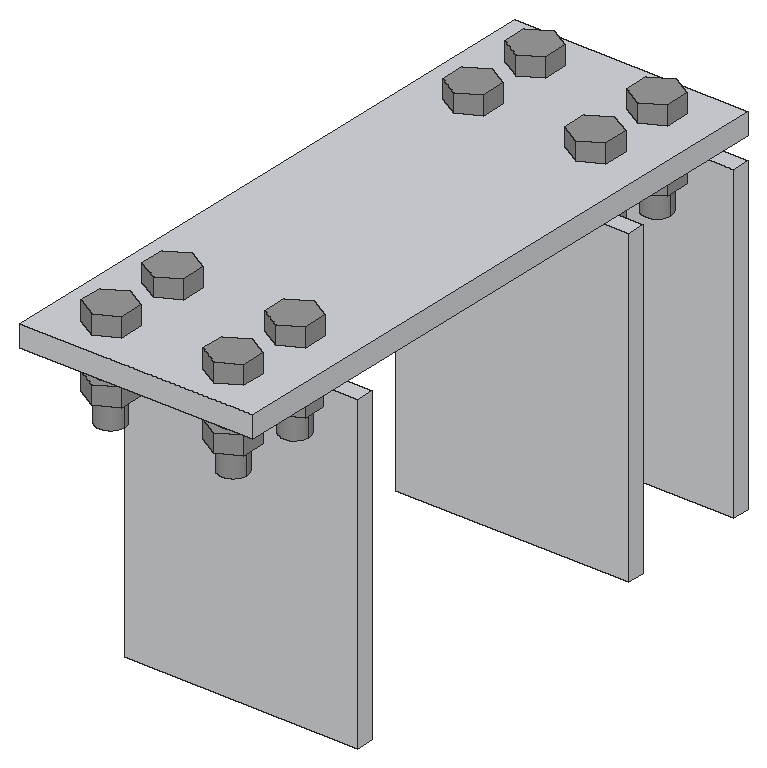
Revit family "051200 - Structural Steel Framing - Moment Frame - Bolted", category Structural Connections, Revit 2019
Family settings
  Material for Model Behavior = Other
  Work Plane-Based = Yes
  Enable cutting in views = Yes
  Always vertical = No
  Cut with Voids When Loaded = No
  Shared = No
Parameters (values of type "1")
  b = 0' - 1 3/4"
  Web Stiffner - Thickness = 0' - 0 51/128"
  Web Stiffiner Material = none
  Web - Horz. - Height = 0' - 8 9/128"
  Web - Height = 0' - 8 9/128"
  Flange - Thickness = 0' - 0 1/2"
  Default Elevation = 4' - 0"
  Bolt Inset - Vertical = 0' - 1"
  Bolt Inset - Horz. = 0' - 1 1/4"
  Base Plate - Thickness = 0' - 0 1/2"
  Back Plate - Width = 0' - 5 69/256"
  Back Plate - Height = 1' - 2"
Reference planes (in)
  plane 1 "Center (Front/Back)": y = 0
  plane 2: z = 0
  plane 3 "Center (Left/Right)": x = 0
  plane 4: x = -2.63477
  plane 5: x = 2.63477
  plane 6: z = 4
  plane 7: y = 7
  plane 8: y = -7
  plane 9: z = -8.07031
  plane 10: z = -0.5
  plane 11: z = -7.57031
  plane 12: z = 0.5
  plane 13: x = -1.38477
  plane 14: x = 1.38477
  plane 15: y = 6
  plane 16: y = 4.25
  plane 17: y = -6
  plane 18: y = -4.25
  plane 19: y = 4.03515
  plane 20: y = -4.03515
  plane 21: y = 3.63672
  plane 22: y = -3.63672
  plane 23: y = 6.60156
Forms (in)
  Extrusion 1, solid, material <- "Web Stiffiner Material"
    sketch origin (0, 0, 0) x (1, 0, 0) y (0, 1, 0)
      loop
        line (-2.63477, 7) -> (-2.63477, -7) -> (2.63477, -7) -> (2.63477, 7) -> (-2.63477, 7)
    from 0 to 0.5
  Extrusion 2, solid, material <- "Web Stiffiner Material"
    sketch origin (-14.00443, -4.03515, 48) x (-1, 0, 0) y (0, 0, 1)
      loop
        line (-11.36966, -48.5) -> (-16.63919, -48.5) -> (-16.63919, -55.57031) -> (-11.36966, -55.57031) -> (-11.36966, -48.5)
    from 0 to 0.39844
  Extrusion 3, solid, material <- "Web Stiffiner Material"
    sketch origin (-13.21319, 4.03515, 48) x (-1, 0, 0) y (0, 0, 1)
      loop
        line (-10.57842, -48.5) -> (-15.84795, -48.5) -> (-15.84795, -55.57031) -> (-10.57842, -55.57031) -> (-10.57842, -48.5)
    from 0 to -0.39844
  Extrusion 4, solid, material <- "Web Stiffiner Material"
    sketch origin (-13.21319, 7, 48) x (-1, 0, 0) y (0, 0, 1)
      loop
        line (-10.57842, -48.5) -> (-15.84795, -48.5) -> (-15.84795, -55.57031) -> (-10.57842, -55.57031) -> (-10.57842, -48.5)
    from 0 to -0.39844
Dimensions and locks (in)
  equal spacing: plane 4, plane 3 "Center (Left/Right)", plane 5
  plane 6 to plane 2 = 0' - 4"
  equal spacing: plane 7, plane 1 "Center (Front/Back)", plane 8
  "Back Plate - Height": plane 7 to plane 8
  "Back Plate - Width": plane 4 to plane 5
  "Web - Height": plane 9 to plane 2
  "Flange - Thickness": plane 10 to plane 2
  "Flange - Thickness": plane 9 to plane 11
  "Base Plate - Thickness": plane 2 to plane 12
  "Bolt Inset - Horz.": plane 4 to plane 13
  "Bolt Inset - Horz.": plane 14 to plane 5
  "Bolt Inset - Vertical": plane 7 to plane 15
  "b": plane 15 to plane 16
  "Bolt Inset - Vertical": plane 17 to plane 8
  "b": plane 18 to plane 17
  equal spacing: plane 20, plane 1 "Center (Front/Back)", plane 19
  "Web - Horz. - Height": plane 20 to plane 19
  "Web Stiffner - Thickness": plane 21 to plane 19
  "Web Stiffner - Thickness": plane 20 to plane 22
  "Web Stiffner - Thickness": plane 7 to plane 23
  aligned and locked: plane 2 to level
  aligned and locked: Extrusion 1 sketch curve to plane 7
  aligned and locked: Extrusion 1 sketch curve to plane 5
  aligned and locked: plane 8 to Extrusion 1 sketch curve
  aligned and locked: plane 4 to Extrusion 1 sketch curve
  aligned and locked: plane 12 to Extrusion 1
  aligned and locked: Extrusion 2 sketch curve to plane 5
  aligned and locked: Extrusion 2 sketch curve to plane 10
  aligned and locked: plane 4 to Extrusion 2 sketch curve
  aligned and locked: plane 11 to Extrusion 2 sketch curve
  aligned and locked: plane 14 to nested 2
  aligned and locked: nested 4 to plane 16
  aligned and locked: nested 3 to plane 16
  aligned and locked: nested 8 to plane 17
  aligned and locked: nested 7 to plane 17
  aligned and locked: nested 6 to plane 18
  aligned and locked: nested 5 to plane 18
  aligned and locked: plane 13 to nested 5
  aligned and locked: plane 14 to nested 6
  aligned and locked: plane 14 to nested 8
  aligned and locked: plane 13 to nested 7
  aligned and locked: plane 14 to nested 4
  aligned and locked: plane 13 to nested 3
  aligned and locked: plane 13 to nested 1
  aligned and locked: plane 10 to nested 8
  aligned and locked: plane 10 to nested 4
  aligned and locked: plane 10 to nested 2
  aligned and locked: plane 10 to nested 7
  aligned and locked: plane 10 to nested 5
  aligned and locked: plane 10 to nested 3
  aligned and locked: plane 10 to nested 1
  aligned and locked: Extrusion 3 to plane 21
  aligned and locked: plane 22 to Extrusion 2
  aligned and locked: nested 2 to plane 15
  aligned and locked: nested 1 to plane 15
  aligned and locked: Extrusion 4 to plane 23
  aligned and locked: plane 10 to nested 6
Automatic sketch dimensions
  Extrusion 3 sketch curve to plane 5 = 0' - 0"
  Extrusion 3 sketch curve to plane 4 = 0' - 0"
  Extrusion 3 sketch curve to plane 11 = 0' - 0"
  Extrusion 3 sketch curve to plane 10 = 0' - 0"
  Extrusion 4 sketch curve to plane 5 = 0' - 0"
  Extrusion 4 sketch curve to plane 4 = 0' - 0"
  Extrusion 4 sketch curve to plane 11 = 0' - 0"
  Extrusion 4 sketch curve to plane 10 = 0' - 0"
Nested families (in)
  nested 1: "050523 - W_P_C - Fastenings - Lag Bolt or Thru Bolt" at (-1.38477, 6, 0.5), type "5/8""
    with Thickness_of_Substrate 0' - 1", Nut_Visibility yes, Bolt Material (Size) STRUCTURAL BOLTS (PAINT TO MATCH STEEL FINISH), Length 0' - 2"
  nested 2: "050523 - W_P_C - Fastenings - Lag Bolt or Thru Bolt" at (1.38477, 6, 0.5), type "5/8""
    with Thickness_of_Substrate 0' - 1", Nut_Visibility yes, Bolt Material (Size) STRUCTURAL BOLTS (PAINT TO MATCH STEEL FINISH), Length 0' - 2"
  nested 3: "050523 - W_P_C - Fastenings - Lag Bolt or Thru Bolt" at (-1.38477, 4.25, 0.5), type "5/8""
    with Thickness_of_Substrate 0' - 1", Nut_Visibility yes, Bolt Material (Size) STRUCTURAL BOLTS (PAINT TO MATCH STEEL FINISH), Length 0' - 2"
  nested 4: "050523 - W_P_C - Fastenings - Lag Bolt or Thru Bolt" at (1.38477, 4.25, 0.5), type "5/8""
    with Thickness_of_Substrate 0' - 1", Nut_Visibility yes, Bolt Material (Size) STRUCTURAL BOLTS (PAINT TO MATCH STEEL FINISH), Length 0' - 2"
  nested 5: "050523 - W_P_C - Fastenings - Lag Bolt or Thru Bolt" at (-1.38477, -4.25, 0.5), type "5/8""
    with Thickness_of_Substrate 0' - 1", Nut_Visibility yes, Bolt Material (Size) STRUCTURAL BOLTS (PAINT TO MATCH STEEL FINISH), Length 0' - 2"
  nested 6: "050523 - W_P_C - Fastenings - Lag Bolt or Thru Bolt" at (1.38477, -4.25, 0.5), type "5/8""
    with Thickness_of_Substrate 0' - 1", Nut_Visibility yes, Bolt Material (Size) STRUCTURAL BOLTS (PAINT TO MATCH STEEL FINISH), Length 0' - 2"
  nested 7: "050523 - W_P_C - Fastenings - Lag Bolt or Thru Bolt" at (-1.38477, -6, 0.5), type "5/8""
    with Thickness_of_Substrate 0' - 1", Nut_Visibility yes, Bolt Material (Size) STRUCTURAL BOLTS (PAINT TO MATCH STEEL FINISH), Length 0' - 2"
  nested 8: "050523 - W_P_C - Fastenings - Lag Bolt or Thru Bolt" at (1.38477, -6, 0.5), type "5/8""
    with Thickness_of_Substrate 0' - 1", Nut_Visibility yes, Bolt Material (Size) STRUCTURAL BOLTS (PAINT TO MATCH STEEL FINISH), Length 0' - 2"
Definition of nested family "050523 - W_P_C - Fastenings - Lag Bolt or Thru Bolt"
  Parameters (values of type "1/2" x 3"")
    Thickness_of_Substrate [instance] = 0' - 1"
    Side = Head Size * 0.57812  # 0' - 0 111/256"
    Radius = Diameter / 2  # 0' - 0 1/4"
    Nut_Visibility [instance] = yes
    Length = 0' - 3"
    Head Size = 0' - 0 3/4"
    Head Radius = Head Size / 2  # 0' - 0 3/8"
    Head Height = 0' - 0 27/64"
    Diameter = 0' - 0 1/2"
    Default Elevation = 4' - 0"
    Bolt Material (Size) [instance] = none
  Types (23): name | Side | Radius | Length | Head Size | Head Radius | Head Height | Diameter
    1/2" x 3" | 0' - 0 111/256" | 0' - 0 1/4" | 0' - 3" | 0' - 0 3/4" | 0' - 0 3/8" | 0' - 0 27/64" | 0' - 0 1/2"
    1/4" x 3" | 0' - 0.25293" | 0' - 0 1/8" | 0' - 3" | 0' - 0 7/16" | 0' - 0 7/32" | 0' - 0 11/64" | 0' - 0 1/4"
    5/16" x 3" | 0' - 0 37/128" | 0' - 0 5/32" | 0' - 3" | 0' - 0 1/2" | 0' - 0 1/4" | 0' - 0 7/32" | 0' - 0 5/16"
    3/8" x 3" | 0' - 0.3252" | 0' - 0 3/16" | 0' - 3" | 0' - 0 9/16" | 0' - 0 9/32" | 0' - 0 1/4" | 0' - 0 3/8"
    7/16" x 3" | 0' - 0.36133" | 0' - 0 7/32" | 0' - 3" | 0' - 0 5/8" | 0' - 0 5/16" | 0' - 0 19/64" | 0' - 0 7/16"
    5/8" x 3" | 0' - 0.54199" | 0' - 0 5/16" | 0' - 3" | 0' - 0 15/16" | 0' - 0 15/32" | 0' - 0 27/64" | 0' - 0 5/8"
    1/2" x 2 1/2" | 0' - 0 111/256" | 0' - 0 1/4" | 0' - 2 1/2" | 0' - 0 3/4" | 0' - 0 3/8" | 0' - 0 11/32" | 0' - 0 1/2"
    3/4" x 2" | 0' - 0.65039" | 0' - 0 3/8" | 0' - 2" | 0' - 1 1/8" | 0' - 0 9/16" | 0' - 0 1/2" | 0' - 0 3/4"
    3/8" x 1" | 0' - 0.3252" | 0' - 0 3/16" | 0' - 1" | 0' - 0 9/16" | 0' - 0 9/32" | 0' - 0 1/4" | 0' - 0 3/8"
    1/2" x 4" | 0' - 0 111/256" | 0' - 0 1/4" | 0' - 4" | 0' - 0 3/4" | 0' - 0 3/8" | 0' - 0 1/2" | 0' - 0 1/2"
    1/2" x 2" | 0' - 0 111/256" | 0' - 0 1/4" | 0' - 2" | 0' - 0 3/4" | 0' - 0 3/8" | 0' - 0 1/2" | 0' - 0 1/2"
    ONE | 0' - 0 111/128" | 0' - 0 1/2" | 0' - 3" | 0' - 1 1/2" | 0' - 0 3/4" | 0' - 0 151/256" | 0' - 1"
    3/4" x 4" | 0' - 0.65039" | 0' - 0 3/8" | 0' - 3" | 0' - 1 1/8" | 0' - 0 9/16" | 0' - 0 1/2" | 0' - 0 3/4"
    #10 | 0' - 0.1626" | 0' - 0.09961" | 0' - 4" | 0' - 0 9/32" | 0' - 0 9/64" | 0' - 0 1/8" | 0' - 0 51/256"
    1/4" | 0' - 0.25293" | 0' - 0 1/8" | 0' - 4" | 0' - 0 7/16" | 0' - 0 7/32" | 0' - 0 11/64" | 0' - 0 1/4"
    1" | 0' - 0 111/128" | 0' - 0 1/2" | 0' - 4" | 0' - 1 1/2" | 0' - 0 3/4" | 0' - 0 43/64" | 0' - 1"
    7/8" | 0' - 0.75879" | 0' - 0 7/16" | 0' - 4" | 0' - 1 5/16" | 0' - 0 21/32" | 0' - 0 37/64" | 0' - 0 7/8"
    5/8" | 0' - 0.54199" | 0' - 0 5/16" | 0' - 10 1/2" | 0' - 0 15/16" | 0' - 0 15/32" | 0' - 0 27/64" | 0' - 0 5/8"
    1/2" | 0' - 0 111/256" | 0' - 0 1/4" | 0' - 4" | 0' - 0 3/4" | 0' - 0 3/8" | 0' - 0 1/2" | 0' - 0 1/2"
    3/4" | 0' - 0.65039" | 0' - 0 3/8" | 0' - 7" | 0' - 1 1/8" | 0' - 0 9/16" | 0' - 0 1/2" | 0' - 0 3/4"
    3/8" | 0' - 0.3252" | 0' - 0 3/16" | 0' - 4" | 0' - 0 9/16" | 0' - 0 9/32" | 0' - 0 1/4" | 0' - 0 3/8"
    5/8" x 6" | 0' - 0.54199" | 0' - 0 5/16" | 0' - 6" | 0' - 0 15/16" | 0' - 0 15/32" | 0' - 0 27/64" | 0' - 0 5/8"
    5/8" x 7" | 0' - 0.54199" | 0' - 0 5/16" | 0' - 7" | 0' - 0 15/16" | 0' - 0 15/32" | 0' - 0 27/64" | 0' - 0 5/8"
  Reference planes (in)
    plane 1 "Center (Front/Back)": y = 0
    plane 2: z = 0
    plane 3 "Center (Left/Right)": x = 0
    plane 4: z = 0.42187
    plane 5: z = -3
    plane 6: y = 0
    plane 7: x = 0
    plane 8: z = -1
  Forms (in)
    Extrusion 1, solid, material <- "Bolt Material (Size)"
      sketch origin (0, 0, 0) x (1, 0, 0) y (0, 1, 0)
        loop
          circle (0, 0) r 0.25
      from -3 to 0
  Lines and regions (in)
    model lines
      curve 1: line (0, -0.64952, 0.42188) -> (0, 0.64952, 0.42188)
      curve 2: line (0.375, 0, 0.42188) -> (-0.375, 0, 0.42188)
    symbolic lines
      curve 3: line (0, 0, 0.42187) -> (0, 0, -3)
      curve 4: line (0, 0, 0.42187) -> (0, 0, -3)
  Dimensions and locks (in)
    "Head Height": plane 4 to level
    "Length": level to plane 5
    "Thickness_of_Substrate": plane 2 to plane 8
    "Radius": radius of Extrusion 1 sketch curve
    aligned and locked: level to plane 2
    aligned and locked: Extrusion 1 to plane 5
    aligned and locked: plane 7 to curve 1
    aligned and locked: plane 6 to curve 2
    aligned and locked: plane 6 to curve 4
  Automatic sketch dimensions
    curve 3 to plane 3 "Center (Left/Right)" = 0' - 0"
    curve 3 to plane 5 = 0' - 0"
    curve 3 to plane 4 = 0' - 0"
    curve 4 to plane 5 = 0' - 0"
    curve 4 to plane 4 = 0' - 0"
    curve 1 to curve 2 = 0' - 0.64952"
    curve 2 to curve 1 = 0' - 0.64952"
    curve 2 to nested 1 = 0' - 0"  (x2)
    plane 1 "Center (Front/Back)" to Extrusion 1 sketch curve = 0' - 0"
    Extrusion 1 sketch curve to plane 3 "Center (Left/Right)" = 0' - 0"
  Nested families (in)
    nested 1: "Nut" at (0, 0, 0), Diameter <- "Diameter", Head Height <- "Head Height", Head Size <- "Head Size", Bolt Material (Size) <- "Bolt Material (Size)", type "one"
      with Side 0' - 0 111/256", Radius 0' - 0 1/4", Head Size 0' - 0 3/4", Head Radius 0' - 0 3/8", Head Height 0' - 0 27/64", Diameter 0' - 0 1/2", Bolt Material (Size) none
    nested 2: "Nut" at (0, 0, -1) x (1, 0, 0) z (0, 0, -1), Diameter <- "Diameter", Head Height <- "Head Height", Head Size <- "Head Size", visible <- "Nut_Visibility", type "one"
      with Side 0' - 0 111/256", Radius 0' - 0 1/4", Head Size 0' - 0 3/4", Head Radius 0' - 0 3/8", Head Height 0' - 0 27/64", Diameter 0' - 0 1/2", Bolt Material (Size) none
  Definition of nested family "Nut"
    Parameters (values of type "one")
      Side [instance] = Head Size * 0.57812  # 0' - 0 111/256"
      Radius [instance] = Diameter / 2  # 0' - 0 1/4"
      Head Size [instance] = 0' - 0 3/4"
      Head Radius [instance] = Head Size / 2  # 0' - 0 3/8"
      Head Height [instance] = 0' - 0 11/32"
      Diameter [instance] = 0' - 0 1/2"
      Default Elevation = 4' - 0"
      Bolt Material (Size) [instance] = none
    Reference planes (in)
      plane 1 "Center (Front/Back)": y = 0
      plane 2: z = 0
      plane 3 "Center (Left/Right)": x = 0
      plane 4: z = 0.34375
      plane 5: y = 0
      plane 6: x = 0
    Forms (in)
      Extrusion 1, solid, material <- "Bolt Material (Size)"
        sketch origin (0, 0, 0) x (1, 0, 0) y (0, 1, 0)
          loop
            line (0, 0.43301) -> (-0.375, 0.21651) -> (-0.375, -0.21651) -> (0, -0.43301) -> (0.375, -0.21651) -> (0.375, 0.21651) -> (0, 0.43301)
        from 0 to 0.34375
    Lines and regions (in)
      symbolic lines
        curve 1: line (0, 0, 0.34375) -> (0, 0, -3)
    Dimensions and locks (in)
      "Head Height": plane 4 to level
      "Head Radius": Extrusion 1 sketch curve to plane 3 "Center (Left/Right)"
      "Head Radius": Extrusion 1 sketch curve to plane 6
      "Head Radius": Extrusion 1 sketch curve to plane 5  (x2)
      locked: Extrusion 1 sketch curve to Extrusion 1 sketch curve (angle 120.00°)  (x5)
      aligned and locked: level to plane 2
      aligned and locked: Extrusion 1 to plane 4
      aligned and locked: plane 5 to curve 1
    Automatic sketch dimensions
      curve 1 to plane 4 = 0' - 0"
      curve 1 to level = 0' - 3"
      Extrusion 1 sketch curve to plane 3 "Center (Left/Right)" = 0' - 0"  (x2)
